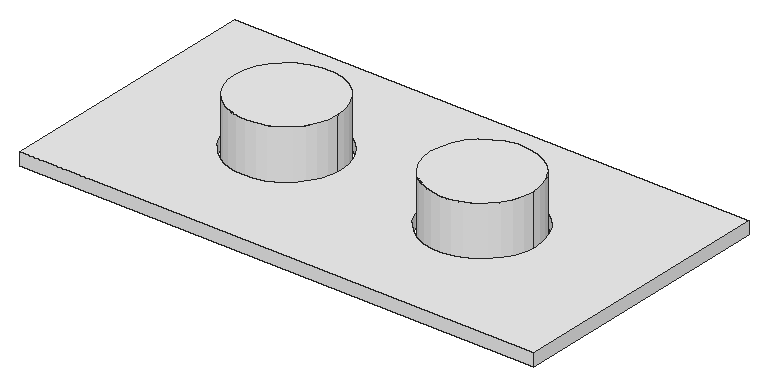
Revit family "invisi buttons", category Plumbing Fixtures, host Face, Revit 2014
Parameters (values of type "Standard")
  Width_ANZRS = 350 mm  # constant formula
  WasteOutlet_ANZRS = 0
  Waste Connection = yes
  WFU = 1.18
  WELSRating_ANZRS = "WELS 4 Star rated, 4.5/3L"  # constant formula
  ModifiedIssue_ANZRS = 20140917.01  # constant formula
  Material_ANZRS = Porcelain-White-Caroma
  Length_ANZRS = 622 mm  # constant formula
  Keynote = "WC"
  Height_ANZRS = 994 mm  # constant formula
  Hardware = Metal-Chrome-Caroma
  Vent Connection = no
  URL = "http://www.caroma.com.au"
  Type Comments = "White Only, S or P Trap, Includes Cube Soft Close seat, Buttons and Panels sold separately"  # constant formula
  Model = "711100W"  # constant formula
  Manufacturer = "GWA Bathrooms & Kitchens"  # constant formula
  HW Connection = no
  Description = "Caroma Cube Wall Faced Invisi II Suite"  # constant formula
  Default Elevation = 0 mm
  CreatedBy_ANZRS = "Design Content"  # constant formula
  CreatedByURL_ANZRS = "http://www.designcontent.com.au"
  CWFU = 1.18
  CW Connection = yes
  Assembly Code = "D2010110"
Reference planes
  plane 1 "Center (Elevation)": y = 0
  plane 2 "Back": z = 0
  plane 3 "Center (Left/Right)": x = 0
  plane 4 "Left": x = -175
  plane 5 "Right": x = 175
  plane 6 "Bottom": y = -405
  plane 7: z = -90
  plane 8 "Seat": y = -10
  plane 9 "Outlet": y = -220
  plane 10 "Front": z = 622
  plane 11 "Center (Front/Back)": z = 311
  plane 12 "Top": y = 589
  plane 13: y = 479
Forms (mm)
  Extrusion 1, solid, material "Metal-Chrome-Caroma" <- "Hardware"
    sketch origin (0, 0, 0) x (1, 0, 0) y (0, 1, 0)
      loop
        line (-105, 589) -> (-105, 479) -> (105, 479) -> (105, 589) -> (-105, 589)
      loop
        circle (-40, 534) r 22.5
      loop
        circle (40, 534) r 22.5
    from 0 to 5
  Extrusion 2, solid, material "Metal-Chrome-Caroma" <- "Hardware"
    sketch origin (0, 0, 0) x (1, 0, 0) y (0, 1, 0)
      loop
        circle (-40, 534) r 21
      loop
        circle (40, 534) r 21
    from 0 to 24.618
  Extrusion 3, void
    sketch origin (0, 0, 0) x (0, 1, 0) y (0, 0, 1)
      loop
        line (50.367, 0) -> (-469.633, 0) -> (-469.633, -135) -> (50.367, -135) -> (50.367, 0)
    from -250 to 250
Lines and regions (mm)
  Masking region 1
    outline origin (0, 0, 0) x (1, 0, 0) y (0, 1, 0)
      loop
        line (0, -405) -> (127.42, -405)
        arc (127.42, -405) -> (156.581, -213.163) -> (175.015, -20) r 3483.592
        arc (175.015, -20) -> (174.465, -14.754) -> (172.182, -10) r 15.438
        arc (172.182, -10) -> (171.185, -8.392) -> (170.402, -6.669) r 14.722
        line (170.402, -6.669) -> (173.389, -6.669) -> (173.389, 25.081)
        arc (173.389, 25.081) -> (170.46, 32.152) -> (163.389, 35.081) r 10
        line (163.389, 35.081) -> (-163.389, 35.081)
        arc (-163.389, 35.081) -> (-170.46, 32.152) -> (-173.389, 25.081) r 10
        line (-173.389, 25.081) -> (-173.389, -6.669) -> (-170.402, -6.669)
        arc (-170.402, -6.669) -> (-171.185, -8.392) -> (-172.182, -10) r 14.722
        arc (-172.182, -10) -> (-174.465, -14.754) -> (-175.015, -20) r 15.438
        arc (-175.015, -20) -> (-156.581, -213.163) -> (-127.42, -405) r 3483.592
        line (-127.42, -405) -> (0, -405)
  Masking region 2
    outline origin (0, 0, 0) x (1, 0, 0) y (0, 1, 0)
      loop
        line (-105, 589) -> (-105, 479) -> (105, 479) -> (105, 589) -> (-105, 589)
  Masking region 3
    outline origin (0, 0, 0) x (0, 1, 0) y (0, 0, 1)
      loop
        line (589, 0) -> (589, 5) -> (555, 5) -> (555, 24.618) -> (513, 24.618) -> (513, 5) -> (479, 5) -> (479, 0) -> (589, 0)
  symbolic lines, style "Toilets/Bidets"
    curve 1: line (-172.182, -10, 0) -> (172.182, -10, 0)
    curve 2: line (170.402, -6.669, 0) -> (-170.402, -6.669, 0)
    curve 3: line (-163.389, 35.081, 0) -> (163.389, 35.081, 0)
    curve 4: arc (163.389, 35.081, 0) -> (170.46, 32.152, 0) -> (173.389, 25.081, 0) r 10
    curve 5: line (173.389, -6.669, 0) -> (173.389, 25.081, 0)
    curve 6: line (-173.389, 25.081, 0) -> (-173.389, -6.669, 0)
    curve 7: arc (-163.389, 35.081, 0) -> (-170.46, 32.152, 0) -> (-173.389, 25.081, 0) r 10
    curve 8: arc (0, -1.931, 257.514) -> (0, -5.296, 259.066) -> (0, -6.669, 262.508) r 5
    curve 9: circle (-40, 534, 0) r 21 normal (0, 0, 1)
    curve 10: circle (-40, 534, 0) r 22.5 normal (0, 0, 1)
    curve 11: circle (40, 534, 0) r 21 normal (0, 0, -1)
    curve 12: circle (40, 534, 0) r 22.5 normal (0, 0, -1)
    curve 13: line (0, 555, 5) -> (0, 513, 5)
    curve 14: line (105, 405, 0) -> (105, 405, 5)
    curve 15: line (105, 405, 5) -> (61, 405, 5)
    curve 16: line (61, 405, 5) -> (61, 405, 24.618)
    curve 17: line (61, 405, 24.618) -> (19, 405, 24.618)
    curve 18: line (19, 405, 24.618) -> (19, 405, 5)
    curve 19: line (19, 405, 5) -> (-19, 405, 5)
    curve 20: line (-19, 405, 5) -> (-19, 405, 24.618)
    curve 21: line (-19, 405, 24.618) -> (-61, 405, 24.618)
    curve 22: line (-61, 405, 24.618) -> (-61, 405, 5)
    curve 23: line (-61, 405, 5) -> (-105, 405, 5)
    curve 24: line (-105, 405, 5) -> (-105, 405, 0)
    curve 25: line (61, 405, 5) -> (19, 405, 5)
    curve 26: line (-19, 405, 5) -> (-61, 405, 5)
Dimensions and locks
  equal spacing: plane 4 "Left", plane 3 "Center (Left/Right)", plane 5 "Right"
  "Width_ANZRS": plane 4 "Left" to plane 5 "Right"
  level to plane 7 = 90 mm
  locked: plane 8 "Seat" to plane 6 "Bottom" at 395
  locked: plane 9 "Outlet" to plane 6 "Bottom" at 185
  plane 6 "Bottom" to plane 1 "Center (Elevation)" = 405 mm
  plane 12 "Top" to plane 6 "Bottom" = 994 mm
  aligned and locked: plane 2 "Back" to host face
  aligned and locked: level to host face
Automatic sketch dimensions
  host sketch curve to host sketch curve = 2438.4 mm  (x2)
  Masking region 1 sketch curve to plane 8 "Seat" = 0 mm  (x4)
  plane 6 "Bottom" to Masking region 1 sketch curve = 0 mm
  Masking region 1 sketch curve to plane 3 "Center (Left/Right)" = 0 mm
  plane 1 "Center (Elevation)" to Masking region 1 sketch curve = 1.454 mm  (x2)
  plane 4 "Left" to Masking region 1 sketch curve = 9.169 mm
  Masking region 1 sketch curve to plane 4 "Left" = 1.611 mm
  Masking region 1 sketch curve to Masking region 1 sketch curve = 2.987 mm
  Masking region 1 sketch curve to plane 8 "Seat" = 8.962 mm  (x2)
  Masking region 1 sketch curve to plane 4 "Left" = 15.389 mm
  Masking region 1 sketch curve to plane 4 "Left" = 47.58 mm
  Masking region 1 sketch curve to plane 5 "Right" = 47.58 mm
  Masking region 1 sketch curve to plane 5 "Right" = 15.389 mm
  Masking region 1 sketch curve to plane 5 "Right" = 4.598 mm
  plane 5 "Right" to Masking region 1 sketch curve = 9.169 mm
  Masking region 1 sketch curve to plane 1 "Center (Elevation)" = 25.081 mm
  Masking region 1 sketch curve to Masking region 1 sketch curve = 10 mm  (x2)
  Masking region 1 sketch curve to plane 5 "Right" = 11.611 mm
  Masking region 1 sketch curve to Masking region 1 sketch curve = 3116.524 mm  (x2)
  Masking region 1 sketch curve to plane 1 "Center (Elevation)" = 214.236 mm  (x2)
  Extrusion 1 sketch curve to plane 12 "Top" = 0 mm
  Extrusion 1 sketch curve to plane 13 = 0 mm
  Extrusion 1 sketch curve to plane 4 "Left" = 70 mm
  Extrusion 1 sketch curve to plane 3 "Center (Left/Right)" = 40 mm
  plane 3 "Center (Left/Right)" to Extrusion 1 sketch curve = 40 mm
  Extrusion 1 sketch curve to plane 5 "Right" = 70 mm
  Extrusion 1 sketch curve to plane 12 "Top" = 55 mm  (x2)
  Extrusion 2 sketch curve to plane 3 "Center (Left/Right)" = 40 mm
  plane 3 "Center (Left/Right)" to Extrusion 2 sketch curve = 40 mm
  Extrusion 2 sketch curve to plane 12 "Top" = 55 mm  (x2)
  Masking region 2 sketch curve to plane 13 = 0 mm
  Masking region 2 sketch curve to plane 12 "Top" = 0 mm
  Masking region 2 sketch curve to plane 4 "Left" = 70 mm
  Masking region 2 sketch curve to plane 5 "Right" = 70 mm
  curve 9 to curve 10 = 0 mm  (x2)
  curve 11 to curve 12 = 0 mm  (x2)
  curve 1 to plane 8 "Seat" = 0 mm
  curve 6 to plane 4 "Left" = 1.611 mm
  curve 7 to curve 7 = 10 mm
  curve 10 to plane 3 "Center (Left/Right)" = 40 mm
  plane 3 "Center (Left/Right)" to curve 12 = 40 mm
  curve 4 to plane 5 "Right" = 11.611 mm
  curve 5 to plane 5 "Right" = 1.611 mm
  curve 7 to plane 1 "Center (Elevation)" = 25.081 mm
  curve 10 to plane 12 "Top" = 55 mm
  curve 11 to plane 12 "Top" = 55 mm
  curve 1 to plane 4 "Left" = 2.818 mm
  curve 6 to curve 2 = 2.987 mm
  curve 2 to curve 5 = 2.987 mm
  curve 1 to plane 5 "Right" = 2.818 mm
  plane 8 "Seat" to curve 2 = 3.331 mm
  curve 6 to curve 2 = 0 mm
  curve 2 to curve 5 = 0 mm
  Masking region 3 sketch curve to plane 13 = 0 mm
  Masking region 3 sketch curve to level = 0 mm
  Masking region 3 sketch curve to plane 12 "Top" = 0 mm
  level to Masking region 3 sketch curve = 5 mm  (x2)
  plane 13 to Masking region 3 sketch curve = 34 mm
  Masking region 3 sketch curve to plane 12 "Top" = 34 mm
  Masking region 3 sketch curve to Masking region 3 sketch curve = 19.618 mm
  plane 1 "Center (Elevation)" to curve 8 = 1.669 mm
  level to curve 13 = 5 mm
  plane 13 to curve 13 = 34 mm
  curve 13 to plane 12 "Top" = 34 mm
  curve 14 to level = 0 mm
  curve 24 to level = 0 mm
  level to curve 18 = 5 mm
  plane 3 "Center (Left/Right)" to curve 18 = 19 mm
  curve 15 to curve 18 = 42 mm
  curve 14 to curve 15 = 44 mm
  curve 19 to plane 3 "Center (Left/Right)" = 19 mm
  curve 19 to curve 23 = 42 mm
  curve 22 to curve 24 = 44 mm
  curve 19 to curve 20 = 19.618 mm
  curve 18 to curve 18 = 19.618 mm
  Extrusion 3 sketch curve to level = 0 mm
  plane 6 "Bottom" to Extrusion 3 sketch curve = 64.633 mm
  Extrusion 3 sketch curve to plane 1 "Center (Elevation)" = 50.367 mm
  Extrusion 3 sketch curve to plane 7 = 45 mm
  plane 11 "Center (Front/Back)" to curve 8 = 48.492 mm
  plane 1 "Center (Elevation)" to curve 8 = 1.931 mm
  plane 8 "Seat" to curve 8 = 3.331 mm
  radius of Extrusion 1 sketch curve = 22.5 mm  (x2)
  radius of Extrusion 2 sketch curve = 21 mm  (x2)
  radius of curve 9 = 21 mm
  radius of curve 10 = 22.5 mm
  radius of curve 11 = 21 mm
  radius of curve 12 = 22.5 mm
